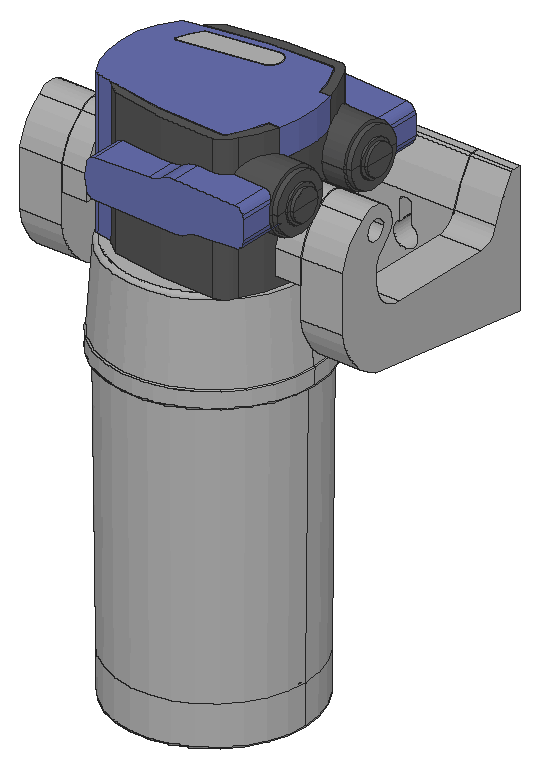
Revit family "QF_Vivreau_PURITY C1000 AC", category Specialty Equipment, Revit 2019 (continued)
Definition of nested family "QF_Vivreau_Wall Bracket"
  Forms (in)
    Extrusion 2, solid
      sketch origin (4.77567, 0, 0) x (0, 1, 0) y (0, 0, 1)
        loop
          arc (-0.13295, 44.67901) -> (-0.15231, 44.67159) -> (-0.16772, 44.65773) r 0.05688
          arc (-0.16772, 44.65773) -> (-0.36722, 44.33734) -> (-0.50028, 43.98416) r 1.92285
          arc (-0.50028, 43.98416) -> (-0.61574, 43.80826) -> (-0.81322, 43.73564) r 0.33566
          line (-0.81322, 43.73564) -> (-2.54186, 43.73564)
          arc (-2.54186, 43.73564) -> (-2.90112, 43.88445) -> (-3.04993, 44.24372) r 0.50808
          line (-3.04993, 44.24372) -> (-3.04993, 44.48767)
          arc (-3.04993, 44.48767) -> (-3.01891, 44.58793) -> (-2.95631, 44.67218) r 0.31113
          arc (-2.95631, 44.67218) -> (-2.87354, 44.75411) -> (-2.79381, 44.83899) r 3.21432
          arc (-2.79381, 44.83899) -> (-2.73635, 44.93979) -> (-2.7179, 45.05434) r 0.32555
          arc (-2.7179, 45.05434) -> (-2.77627, 45.24708) -> (-2.92668, 45.38098) r 0.37126
          arc (-2.92668, 45.38098) -> (-3.14017, 45.41019) -> (-3.32952, 45.30735) r 0.34587
          arc (-3.32952, 45.30735) -> (-3.60078, 45.03493) -> (-3.74609, 44.67901) r 0.97803
          line (-3.74609, 44.67901) -> (-3.74609, 43.73564)
          arc (-3.74609, 43.73564) -> (-3.52094, 43.20626) -> (-3.04993, 42.87595) r 1.04614
          line (-3.04993, 42.87595) -> (0, 42.48032) -> (0, 44.67901)
        loop
          circle (-3.06236, 45.04297) r 0.17302
      from 0 to 0.71175
    Extrusion 3, solid
      sketch origin (0, 0, 0) x (0, 1, 0) y (0, 0, 1)
        loop
          line (0, 44.67901) -> (-0.13295, 44.67901)
          arc (-0.13295, 44.67901) -> (-0.15231, 44.67159) -> (-0.16772, 44.65773) r 0.05688
          arc (-0.16772, 44.65773) -> (-0.36722, 44.33734) -> (-0.50028, 43.98416) r 1.92285
          line (-0.50028, 43.98416) -> (-0.50028, 42.54522) -> (0, 42.48032) -> (0, 44.67901)
      from 0.71175 to 4.77567
    Extrusion 4, void
      sketch origin (0, 0, 0) x (1, 0, 0) y (0, 0, 1)
        loop
          arc (1.43554, 43.49468) -> (1.53706, 43.10506) -> (1.64054, 43.49417) r 0.20818
          line (1.64054, 43.49417) -> (1.64054, 43.81781)
          arc (1.64054, 43.81781) -> (1.53804, 43.89288) -> (1.43554, 43.81781) r 0.10752
          line (1.43554, 43.81781) -> (1.43554, 43.49468)
        loop
          arc (3.85556, 43.49468) -> (3.95709, 43.10506) -> (4.06057, 43.49417) r 0.20818
          line (4.06057, 43.49417) -> (4.06057, 43.81781)
          arc (4.06057, 43.81781) -> (3.95806, 43.89288) -> (3.85556, 43.81781) r 0.10752
          line (3.85556, 43.81781) -> (3.85556, 43.49468)
      from 0 to 0.50028
    Extrusion 5, solid
      sketch origin (0, 0, 0) x (0, 1, 0) y (0, 0, 1)
        loop
          arc (-3.32952, 45.30735) -> (-3.60078, 45.03493) -> (-3.74609, 44.67901) r 0.97803
          line (-3.74609, 44.67901) -> (-3.74609, 44.24372) -> (-3.04993, 44.24372) -> (-3.04993, 44.48767)
          arc (-3.04993, 44.48767) -> (-3.01891, 44.58793) -> (-2.95631, 44.67218) r 0.31113
          arc (-2.95631, 44.67218) -> (-2.87354, 44.75411) -> (-2.79381, 44.83899) r 3.21432
          arc (-2.79381, 44.83899) -> (-2.73635, 44.93979) -> (-2.7179, 45.05434) r 0.32555
          arc (-2.7179, 45.05434) -> (-2.77627, 45.24708) -> (-2.92668, 45.38098) r 0.37126
          arc (-2.92668, 45.38098) -> (-3.14017, 45.41019) -> (-3.32952, 45.30735) r 0.34587
      from 0.71175 to 1.13945
    Extrusion 6, solid
      sketch origin (4.34798, 0, 0) x (0, 1, 0) y (0, 0, 1)
        loop
          arc (-3.32952, 45.30735) -> (-3.60078, 45.03493) -> (-3.74609, 44.67901) r 0.97803
          line (-3.74609, 44.67901) -> (-3.74609, 44.24372) -> (-3.04993, 44.24372) -> (-3.04993, 44.48767)
          arc (-3.04993, 44.48767) -> (-3.01891, 44.58793) -> (-2.95631, 44.67218) r 0.31113
          arc (-2.95631, 44.67218) -> (-2.87354, 44.75411) -> (-2.79381, 44.83899) r 3.21432
          arc (-2.79381, 44.83899) -> (-2.73635, 44.93979) -> (-2.7179, 45.05434) r 0.32555
          arc (-2.7179, 45.05434) -> (-2.77627, 45.24708) -> (-2.92668, 45.38098) r 0.37126
          arc (-2.92668, 45.38098) -> (-3.14017, 45.41019) -> (-3.32952, 45.30735) r 0.34587
      from 0 to 0.4277
    Extrusion 7, solid
      sketch origin (0, 0, 0) x (0, 1, 0) y (0, 0, 1)
        loop
          circle (-3.06236, 45.04297) r 0.17302
      from 1.13945 to 1.48618
    Extrusion 8, solid
      sketch origin (2.86179, 0, 0) x (0, 1, 0) y (0, 0, 1)
        loop
          circle (-3.06236, 45.04297) r 0.17302
      from 1.19877 to 1.48618
  Cuts and joins
    Extrusion 4 cuts Extrusion 3
  Lines and regions (in)
    symbolic lines
      curve 1: line (0, -3.23537, 45.04297) -> (0, -2.88934, 45.04297)
      curve 2: line (0.40405, -0.13295, 0) -> (0.40405, 0, 0)
      curve 3: line (0.40405, 0, 0) -> (5.08337, 0, 0)
      curve 4: line (5.08337, -0.13295, 0) -> (5.08337, 0, 0)
      curve 5: line (0.40405, -0.13295, 0) -> (5.08337, -0.13295, 0)
      curve 6: arc (0.40405, -0.13295, 0) -> (0.42218, -0.30656, 0) -> (0.44979, -0.47891, 0) r 3.18691
      curve 7: arc (0.44979, -0.47891, 0) -> (0.44265, -0.54927, 0) -> (0.42407, -0.6175, 0) r 0.42983
      curve 8: arc (0.42407, -0.6175, 0) -> (0.08893, -1.60757, 0) -> (0, -2.64903, 0) r 4.34392
      curve 9: arc (1.01852, -0.51986, 0) -> (0.66155, -1.5729, 0) -> (0.57957, -2.68176, 0) r 4.40598
      curve 10: line (0.39328, -2.68176, 0) -> (1.02034, -2.68176, 0)
      curve 11: line (1.02034, -2.68176, 0) -> (1.02034, -3.68176, 0)
      curve 12: arc (0.39328, -2.68176, 0) -> (0.27454, -2.7648, 0) -> (0.22894, -2.90232, 0) r 0.23018
      curve 13: arc (0.12248, -3.08148, 0) -> (0.15422, -3.06272, 0) -> (0.17635, -3.03322, 0) r 0.09432
      curve 14: arc (0.17635, -3.03322, 0) -> (0.20476, -2.96863, 0) -> (0.22894, -2.90232, 0) r 1.08965
      curve 15: arc (0.12248, -3.08148, 0) -> (0.0982, -3.08363, 0) -> (0.07385, -3.08469, 0) r 0.54642
      curve 16: arc (0.07385, -3.08469, 0) -> (0.04284, -3.05822, 0) -> (0.0293, -3.01977, 0) r 0.07844
      curve 17: arc (0.39328, -2.68176, 0) -> (0.44322, -2.69561, 0) -> (0.47889, -2.7332, 0) r 0.09696
      curve 18: arc (0.47889, -2.7332, 0) -> (0.51971, -2.80727, 0) -> (0.54276, -2.88864, 0) r 0.37227
      curve 19: arc (0.54276, -2.88864, 0) -> (0.55909, -3.03706, 0) -> (0.54276, -3.18547, 0) r 0.68254
      curve 20: arc (0.54276, -3.18547, 0) -> (0.46763, -3.39851, 0) -> (0.34409, -3.58761, 0) r 0.94478
      curve 21: arc (0.34409, -3.58761, 0) -> (0.29471, -3.65131, 0) -> (0.23677, -3.70733, 0) r 0.5646
      curve 22: arc (0.23677, -3.70733, 0) -> (0.20133, -3.72715, 0) -> (0.16121, -3.73335, 0) r 0.11449
      curve 23: arc (0.16121, -3.73335, 0) -> (0.12018, -3.73371, 0) -> (0.07926, -3.73682, 0) r 0.61075
      curve 24: arc (0.07926, -3.73682, 0) -> (0.02221, -3.70198, 0) -> (0, -3.63894, 0) r 0.09968
      curve 25: line (0, -3.63894, 0) -> (0, -2.64903, 0)
      curve 26: arc (0.0293, -3.01977, 0) -> (0.01004, -2.90893, 0) -> (0, -2.79687, 0) r 1.36079
      curve 27: arc (0.07926, -3.73682, 0) -> (0.21195, -3.74363, 0) -> (0.3448, -3.74609, 0) r 4.0609
      curve 28: arc (0.3448, -3.74609, 0) -> (0.65283, -3.73623, 0) -> (0.95923, -3.70313, 0) r 4.07828
      curve 29: arc (0.95923, -3.70313, 0) -> (0.99081, -3.69537, 0) -> (1.02034, -3.68176, 0) r 0.17058
      curve 30: arc (5.08337, -0.13295, 0) -> (5.06524, -0.30656, 0) -> (5.03763, -0.47891, 0) r 3.18691
      curve 31: arc (5.03763, -0.47891, 0) -> (5.04477, -0.54927, 0) -> (5.06335, -0.6175, 0) r 0.42983
      curve 32: arc (5.06335, -0.6175, 0) -> (5.39849, -1.60757, 0) -> (5.48742, -2.64903, 0) r 4.34392
      curve 33: arc (4.4689, -0.51986, 0) -> (4.82587, -1.5729, 0) -> (4.90785, -2.68176, 0) r 4.40598
      curve 34: line (5.09414, -2.68176, 0) -> (4.46708, -2.68176, 0)
      curve 35: line (4.46708, -2.68176, 0) -> (4.46708, -3.68176, 0)
      curve 36: arc (5.09414, -2.68176, 0) -> (5.21288, -2.7648, 0) -> (5.25848, -2.90232, 0) r 0.23018
      curve 37: arc (5.36494, -3.08148, 0) -> (5.3332, -3.06272, 0) -> (5.31108, -3.03322, 0) r 0.09432
      curve 38: arc (5.31108, -3.03322, 0) -> (5.28266, -2.96863, 0) -> (5.25848, -2.90232, 0) r 1.08965
      curve 39: arc (5.36494, -3.08148, 0) -> (5.38922, -3.08363, 0) -> (5.41358, -3.08469, 0) r 0.54642
      curve 40: arc (5.41358, -3.08469, 0) -> (5.44458, -3.05822, 0) -> (5.45812, -3.01977, 0) r 0.07844
      curve 41: arc (5.09414, -2.68176, 0) -> (5.0442, -2.69561, 0) -> (5.00853, -2.7332, 0) r 0.09696
      curve 42: arc (5.00853, -2.7332, 0) -> (4.96771, -2.80727, 0) -> (4.94466, -2.88864, 0) r 0.37227
      curve 43: arc (4.94466, -2.88864, 0) -> (4.92833, -3.03706, 0) -> (4.94466, -3.18547, 0) r 0.68254
      curve 44: arc (4.94466, -3.18547, 0) -> (5.01979, -3.39851, 0) -> (5.14334, -3.58761, 0) r 0.94478
      curve 45: arc (5.14334, -3.58761, 0) -> (5.19271, -3.65131, 0) -> (5.25065, -3.70733, 0) r 0.5646
      curve 46: arc (5.25065, -3.70733, 0) -> (5.28609, -3.72715, 0) -> (5.32621, -3.73335, 0) r 0.11449
      curve 47: arc (5.32621, -3.73335, 0) -> (5.36725, -3.73371, 0) -> (5.40816, -3.73682, 0) r 0.61075
      curve 48: arc (5.40816, -3.73682, 0) -> (5.46521, -3.70198, 0) -> (5.48742, -3.63894, 0) r 0.09968
      curve 49: line (5.48742, -3.63894, 0) -> (5.48742, -2.64903, 0)
      curve 50: arc (5.45812, -3.01977, 0) -> (5.47738, -2.90893, 0) -> (5.48742, -2.79687, 0) r 1.36079
      curve 51: arc (5.40816, -3.73682, 0) -> (5.27547, -3.74363, 0) -> (5.14262, -3.74609, 0) r 4.0609
      curve 52: arc (5.14262, -3.74609, 0) -> (4.8346, -3.73623, 0) -> (4.52819, -3.70313, 0) r 4.07828
      curve 53: arc (4.52819, -3.70313, 0) -> (4.49661, -3.69537, 0) -> (4.46708, -3.68176, 0) r 0.17058
      curve 54: line (1.48618, -2.88934, 0) -> (1.02034, -2.88934, 0)
      curve 55: line (1.48618, -2.88934, 0) -> (1.48618, -3.23537, 0)
      curve 56: line (1.48618, -3.23537, 0) -> (1.02034, -3.23537, 0)
      curve 57: line (4.25061, -2.88934, 0) -> (4.46708, -2.88934, 0)
      curve 58: line (4.25061, -2.88934, 0) -> (4.25061, -3.23537, 0)
      curve 59: line (4.25061, -3.23537, 0) -> (4.46708, -3.23537, 0)
      curve 60: line (1.01852, -0.51986, 0) -> (4.4689, -0.51986, 0)
      curve 61: line (0, 0, 0) -> (5.48742, 0, 0)
  Dimensions and locks (in)
    "Depth": plane 4 "FRONT" to plane 1 "BACK"
    equal spacing: plane 4 "FRONT", plane 5 "Center (Front/Back)", plane 1 "BACK"
    locked: plane 3 "LEFT" to plane 7 "RIGHT" at 5.48742
    equal spacing: plane 3 "LEFT", plane 8 "Center (Left/Right)", plane 7 "RIGHT"
    "Mounting Height": plane 13 "Center F/H" to plane 2 "REF. LAYER"
    plane 10 "Center F/D" to plane 9 "Center F/C" to plane 11 "Center F/E" to plane 12 "Center F/F" to plane 6 "Center (Bottom/Top)" to plane 13 "Center F/H" = 0' - 0.36597" locked, 0' - 0.36396" locked, 0' - 0.94337" locked, 0' - 1.25532" locked, 0' - 6.48032" locked
    aligned and locked: level to plane 2 "REF. LAYER"
    aligned and locked: plane 11 "Center F/E" to Extrusion 1 sketch curve
    aligned and locked: plane 1 "BACK" to Extrusion 1 sketch curve
    aligned and locked: plane 12 "Center F/F" to Extrusion 1 sketch curve
    aligned and locked: Extrusion 1 sketch curve to plane 12 "Center F/F"
    aligned and locked: plane 4 "FRONT" to Extrusion 1 sketch curve
    aligned and locked: plane 3 "LEFT" to curve 61
    aligned and locked: plane 7 "RIGHT" to curve 61
    aligned and locked: curve 61 to plane 2 "REF. LAYER"
    aligned and locked: Extrusion 5 to Extrusion 1
    aligned and locked: Extrusion 6 to Extrusion 2
  Automatic sketch dimensions
    curve 1 to plane 9 "Center F/C" = 0' - 0"
    curve 1 to plane 4 "FRONT" = 0' - 0.51072"
    curve 1 to curve 1 = 0' - 0.34603"
    Extrusion 1 sketch curve to plane 9 "Center F/C" = 0' - 0"
    Extrusion 1 sketch curve to plane 6 "Center (Bottom/Top)" = 0' - 0"
    Extrusion 1 sketch curve to plane 12 "Center F/F" = 0' - 0"
    Extrusion 1 sketch curve to plane 11 "Center F/E" = 0' - 0"
    plane 4 "FRONT" to Extrusion 1 sketch curve = 0' - 1.42987"
    plane 9 "Center F/C" to Extrusion 1 sketch curve = 0' - 0.00416"
    Extrusion 1 sketch curve to plane 4 "FRONT" = 0' - 0.657"
    Extrusion 1 sketch curve to Extrusion 1 sketch curve = 0' - 0.01111"
    Extrusion 1 sketch curve to Extrusion 1 sketch curve = 0' - 0.02674"
    Extrusion 1 sketch curve to plane 11 "Center F/E" = 0' - 0.19134"
    Extrusion 1 sketch curve to Extrusion 1 sketch curve = 0' - 0.01242"
    plane 6 "Center (Bottom/Top)" to Extrusion 1 sketch curve = 0' - 0.39563"
    Extrusion 1 sketch curve to plane 4 "FRONT" = 0' - 0.69616"
    Extrusion 1 sketch curve to Extrusion 1 sketch curve = 0' - 0.01897"
    Extrusion 1 sketch curve to Extrusion 1 sketch curve = 0' - 0.26431"
    Extrusion 1 sketch curve to Extrusion 1 sketch curve = 0' - 0.04417"
    plane 12 "Center F/F" to Extrusion 1 sketch curve = 0' - 0.12897"
    Extrusion 1 sketch curve to Extrusion 1 sketch curve = 0' - 0.1996"
    plane 1 "BACK" to Extrusion 1 sketch curve = 0' - 0.82448"
    Extrusion 1 sketch curve to Extrusion 1 sketch curve = 0' - 0.01126"
    plane 1 "BACK" to Extrusion 1 sketch curve = 0' - 0.13295"
    Extrusion 1 sketch curve to Extrusion 1 sketch curve = 0' - 0.01033"
    Extrusion 1 sketch curve to plane 12 "Center F/F" = 0' - 0.24956"
    Extrusion 1 sketch curve to plane 1 "BACK" = 0' - 1.35693"
    plane 12 "Center F/F" to Extrusion 1 sketch curve = 0' - 0.33547"
    Extrusion 1 sketch curve to plane 11 "Center F/E" = 0' - 0.23186"
    Extrusion 1 sketch curve to Extrusion 1 sketch curve = 0' - 0.04736"
    Extrusion 1 sketch curve to plane 11 "Center F/E" = 0' - 0.05594"
    plane 9 "Center F/C" to Extrusion 1 sketch curve = 0' - 0.00505"
    Extrusion 1 sketch curve to Extrusion 1 sketch curve = 0' - 0.02283"
    Extrusion 1 sketch curve to plane 10 "Center F/D" = 0' - 0.10159"
    Extrusion 1 sketch curve to Extrusion 1 sketch curve = 0' - 0"  (x3)
    plane 11 "Center F/E" to Extrusion 1 sketch curve = 0' - 0.15998"
    Extrusion 2 sketch curve to plane 4 "FRONT" = 0' - 0"
    Extrusion 2 sketch curve to plane 9 "Center F/C" = 0' - 0"
    Extrusion 2 sketch curve to plane 12 "Center F/F" = 0' - 0"  (x2)
    Extrusion 2 sketch curve to plane 11 "Center F/E" = 0' - 0"  (x2)
    Extrusion 2 sketch curve to plane 1 "BACK" = 0' - 0"
    Extrusion 2 sketch curve to plane 6 "Center (Bottom/Top)" = 0' - 0"
    plane 4 "FRONT" to Extrusion 2 sketch curve = 0' - 1.42987"
    plane 9 "Center F/C" to Extrusion 2 sketch curve = 0' - 0.00416"
    Extrusion 2 sketch curve to plane 4 "FRONT" = 0' - 0.657"
    Extrusion 2 sketch curve to Extrusion 2 sketch curve = 0' - 0.01111"
    Extrusion 2 sketch curve to Extrusion 2 sketch curve = 0' - 0.02674"
    Extrusion 2 sketch curve to plane 11 "Center F/E" = 0' - 0.19134"
    Extrusion 2 sketch curve to Extrusion 2 sketch curve = 0' - 0.01242"
    plane 6 "Center (Bottom/Top)" to Extrusion 2 sketch curve = 0' - 0.39563"
    Extrusion 2 sketch curve to plane 4 "FRONT" = 0' - 0.69616"
    Extrusion 2 sketch curve to Extrusion 2 sketch curve = 0' - 0.01897"
    Extrusion 2 sketch curve to Extrusion 2 sketch curve = 0' - 0.26431"
    Extrusion 2 sketch curve to Extrusion 2 sketch curve = 0' - 0.04417"
    plane 12 "Center F/F" to Extrusion 2 sketch curve = 0' - 0.12897"
    Extrusion 2 sketch curve to Extrusion 2 sketch curve = 0' - 0.1996"
    plane 1 "BACK" to Extrusion 2 sketch curve = 0' - 0.82448"
    Extrusion 2 sketch curve to Extrusion 2 sketch curve = 0' - 0.01126"
    plane 1 "BACK" to Extrusion 2 sketch curve = 0' - 0.13295"
    Extrusion 2 sketch curve to Extrusion 2 sketch curve = 0' - 0.01033"
    Extrusion 2 sketch curve to plane 12 "Center F/F" = 0' - 0.24956"
    Extrusion 2 sketch curve to plane 1 "BACK" = 0' - 1.35693"
    plane 12 "Center F/F" to Extrusion 2 sketch curve = 0' - 0.33547"
    Extrusion 2 sketch curve to plane 11 "Center F/E" = 0' - 0.23186"
    Extrusion 2 sketch curve to Extrusion 2 sketch curve = 0' - 0.04736"
    Extrusion 2 sketch curve to plane 11 "Center F/E" = 0' - 0.05594"
    plane 9 "Center F/C" to Extrusion 2 sketch curve = 0' - 0.00505"
    Extrusion 2 sketch curve to Extrusion 2 sketch curve = 0' - 0.02283"
    Extrusion 2 sketch curve to plane 10 "Center F/D" = 0' - 0.10159"
    Extrusion 2 sketch curve to Extrusion 2 sketch curve = 0' - 0"  (x3)
    plane 11 "Center F/E" to Extrusion 2 sketch curve = 0' - 0.15998"
    Extrusion 3 sketch curve to plane 11 "Center F/E" = 0' - 0"
    Extrusion 3 sketch curve to plane 1 "BACK" = 0' - 0"
    Extrusion 3 sketch curve to plane 6 "Center (Bottom/Top)" = 0' - 0"
    Extrusion 3 sketch curve to plane 11 "Center F/E" = 0' - 0.05594"
    plane 1 "BACK" to Extrusion 3 sketch curve = 0' - 0.12262"
    Extrusion 3 sketch curve to Extrusion 3 sketch curve = 0' - 0.01033"
    plane 6 "Center (Bottom/Top)" to Extrusion 3 sketch curve = 0' - 0.0649"
    plane 1 "BACK" to Extrusion 3 sketch curve = 0' - 0.50028"
    Extrusion 3 sketch curve to plane 12 "Center F/F" = 0' - 0.24956"
    Extrusion 3 sketch curve to plane 1 "BACK" = 0' - 1.35693"
    plane 12 "Center F/F" to Extrusion 3 sketch curve = 0' - 0.24852"
    plane 12 "Center F/F" to Extrusion 4 sketch curve = 0' - 0.08217"  (x2)
    Extrusion 4 sketch curve to plane 8 "Center (Left/Right)" = 0' - 1.30818"
    Extrusion 4 sketch curve to Extrusion 4 sketch curve = 0' - 0.10205"  (x2)
    plane 12 "Center F/F" to Extrusion 4 sketch curve = 0' - 0.04972"  (x2)
    Extrusion 4 sketch curve to Extrusion 4 sketch curve = 0' - 0.1025"  (x2)
    Extrusion 4 sketch curve to Extrusion 4 sketch curve = 0' - 0.205"  (x2)
    Extrusion 4 sketch curve to plane 12 "Center F/F" = 0' - 0.24096"
    plane 8 "Center (Left/Right)" to Extrusion 4 sketch curve = 0' - 1.11185"
    Extrusion 4 sketch curve to plane 12 "Center F/F" = 0' - 0.24147"
    Extrusion 4 sketch curve to Extrusion 4 sketch curve = 0' - 0.00051"
    Extrusion 4 sketch curve to Extrusion 4 sketch curve = 0' - 0.18093"
    Extrusion 5 sketch curve to plane 4 "FRONT" = 0' - 0"
    Extrusion 5 sketch curve to plane 11 "Center F/E" = 0' - 0"
    plane 4 "FRONT" to Extrusion 5 sketch curve = 0' - 1.42987"
    plane 9 "Center F/C" to Extrusion 5 sketch curve = 0' - 0.00416"
    Extrusion 5 sketch curve to plane 4 "FRONT" = 0' - 0.657"
    Extrusion 5 sketch curve to Extrusion 5 sketch curve = 0' - 0.01111"
    Extrusion 5 sketch curve to plane 4 "FRONT" = 0' - 0.69616"
    Extrusion 5 sketch curve to Extrusion 5 sketch curve = 0' - 0.0346"
    Extrusion 5 sketch curve to Extrusion 5 sketch curve = 0' - 0.26431"
    Extrusion 5 sketch curve to Extrusion 5 sketch curve = 0' - 0.04417"
    Extrusion 5 sketch curve to plane 11 "Center F/E" = 0' - 0.1845"
    Extrusion 5 sketch curve to plane 11 "Center F/E" = 0' - 0.19134"
    Extrusion 5 sketch curve to Extrusion 5 sketch curve = 0' - 0.04736"
    Extrusion 5 sketch curve to Extrusion 5 sketch curve = 0' - 0.43529"
    plane 9 "Center F/C" to Extrusion 5 sketch curve = 0' - 0.00505"
    Extrusion 5 sketch curve to Extrusion 5 sketch curve = 0' - 0.02283"
    Extrusion 5 sketch curve to plane 10 "Center F/D" = 0' - 0.10159"
    Extrusion 5 sketch curve to Extrusion 5 sketch curve = 0' - 0"  (x2)
    plane 11 "Center F/E" to Extrusion 5 sketch curve = 0' - 0.15998"
    Extrusion 6 sketch curve to plane 4 "FRONT" = 0' - 0"
    Extrusion 6 sketch curve to plane 11 "Center F/E" = 0' - 0"
    plane 4 "FRONT" to Extrusion 6 sketch curve = 0' - 1.42987"
    plane 9 "Center F/C" to Extrusion 6 sketch curve = 0' - 0.00416"
    Extrusion 6 sketch curve to plane 4 "FRONT" = 0' - 0.657"
    Extrusion 6 sketch curve to Extrusion 6 sketch curve = 0' - 0.01111"
    Extrusion 6 sketch curve to plane 4 "FRONT" = 0' - 0.69616"
    Extrusion 6 sketch curve to Extrusion 6 sketch curve = 0' - 0.0346"
    Extrusion 6 sketch curve to Extrusion 6 sketch curve = 0' - 0.26431"
    Extrusion 6 sketch curve to Extrusion 6 sketch curve = 0' - 0.04417"
    Extrusion 6 sketch curve to plane 11 "Center F/E" = 0' - 0.1845"
    Extrusion 6 sketch curve to plane 11 "Center F/E" = 0' - 0.19134"
    Extrusion 6 sketch curve to Extrusion 6 sketch curve = 0' - 0.04736"
    Extrusion 6 sketch curve to Extrusion 6 sketch curve = 0' - 0.43529"
    plane 9 "Center F/C" to Extrusion 6 sketch curve = 0' - 0.00505"
    Extrusion 6 sketch curve to Extrusion 6 sketch curve = 0' - 0.02283"
    Extrusion 6 sketch curve to plane 10 "Center F/D" = 0' - 0.10159"
    Extrusion 6 sketch curve to Extrusion 6 sketch curve = 0' - 0"  (x2)
    plane 11 "Center F/E" to Extrusion 6 sketch curve = 0' - 0.15998"
    Extrusion 7 sketch curve to plane 9 "Center F/C" = 0' - 0"
    Extrusion 7 sketch curve to plane 4 "FRONT" = 0' - 0.68374"
    Extrusion 8 sketch curve to plane 9 "Center F/C" = 0' - 0"
    Extrusion 8 sketch curve to plane 4 "FRONT" = 0' - 0.68374"
    curve 26 to plane 3 "LEFT" = 0' - 0"
    plane 4 "FRONT" to curve 27 = 0' - 0"
    plane 1 "BACK" to curve 2 = 0' - 0"
    plane 4 "FRONT" to curve 51 = 0' - 0"
    curve 48 to plane 7 "RIGHT" = 0' - 0"
    curve 19 to plane 3 "LEFT" = 0' - 0.12345"
    curve 21 to plane 3 "LEFT" = 0' - 0.12571"
    curve 20 to curve 19 = 0' - 0.25597"
    curve 14 to curve 20 = 0' - 0.42691"
    plane 3 "LEFT" to curve 7 = 0' - 0.02004"
    plane 3 "LEFT" to curve 15 = 0' - 0.06218"
    plane 3 "LEFT" to curve 13 = 0' - 0.09129"
    plane 3 "LEFT" to curve 24 = 0' - 0.09968"
    curve 13 to curve 16 = 0' - 0.01623"
    plane 3 "LEFT" to curve 23 = 0' - 0.146"
    curve 24 to curve 22 = 0' - 0.06438"
    curve 16 to curve 18 = 0' - 0.06786"
    plane 3 "LEFT" to curve 27 = 0' - 0.35368"
    curve 27 to curve 28 = 0' - 0.01466"
    curve 18 to curve 10 = 0' - 0.2179"
    plane 1 "BACK" to curve 5 = 0' - 0.13295"
    plane 3 "LEFT" to curve 5 = 0' - 0.40405"
    curve 17 to curve 12 = 0' - 0.06584"
    curve 12 to curve 33 = 0' - 0.11471"
    curve 29 to plane 4 "FRONT" = 0' - 0.21174"
    curve 22 to curve 29 = 0' - 0.77045"
    curve 33 to curve 11 = 0' - 0.51235"
    curve 10 to curve 32 = 0' - 0.12589"
    curve 32 to curve 26 = 0' - 0.213"
    curve 26 to curve 54 = 0' - 0.12696"
    curve 30 to plane 1 "BACK" = 0' - 0.11117"
    curve 30 to plane 8 "Center (Left/Right)" = 0' - 0.83788"
    curve 6 to plane 1 "BACK" = 0' - 0.11117"
    plane 8 "Center (Left/Right)" to curve 6 = 0' - 0.83788"
    curve 50 to plane 7 "RIGHT" = 0' - 1.35923"
    curve 50 to curve 57 = 0' - 0.12241"
    curve 50 to curve 8 = 0' - 0.213"
    curve 8 to curve 34 = 0' - 0.12589"
    curve 35 to curve 53 = 0' - 0.08583"
    curve 9 to plane 7 "RIGHT" = 0' - 0.50799"
    curve 9 to curve 36 = 0' - 0.04887"
    curve 5 to plane 7 "RIGHT" = 0' - 0.40405"
    curve 36 to curve 34 = 0' - 0.06584"
    curve 3 to curve 52 = 0' - 0.03571"
    curve 52 to curve 51 = 0' - 0.01466"
    curve 42 to plane 7 "RIGHT" = 0' - 0.17538"
    curve 46 to plane 7 "RIGHT" = 0' - 0 21/128"
    curve 47 to plane 7 "RIGHT" = 0' - 0.146"
    curve 42 to curve 40 = 0' - 0.06786"
    curve 46 to curve 48 = 0' - 0.06438"
    curve 40 to curve 37 = 0' - 0.01623"
    curve 39 to plane 7 "RIGHT" = 0' - 0.06218"
    curve 31 to plane 7 "RIGHT" = 0' - 0.02004"
    plane 7 "RIGHT" to curve 43 = 0' - 0.12345"
    plane 7 "RIGHT" to curve 45 = 0' - 0.12571"
    curve 43 to curve 44 = 0' - 0.25597"
    curve 44 to curve 38 = 0' - 0.42691"
    plane 4 "FRONT" to curve 47 = 0' - 0.59782"
    plane 4 "FRONT" to curve 23 = 0' - 0.59782"
    curve 11 to plane 4 "FRONT" = 0' - 0.06433"
    curve 35 to plane 4 "FRONT" = 0' - 0.06433"
    curve 52 to curve 48 = 0' - 0.10684"
    curve 28 to curve 24 = 0' - 0.10684"
    curve 24 to curve 25 = 0' - 0.00031"
    curve 48 to curve 49 = 0' - 0.00031"
    curve 48 to curve 46 = 0' - 0.02035"
    curve 24 to curve 22 = 0' - 0.02035"
    curve 35 to curve 53 = 0' - 0.14741"
    curve 25 to curve 21 = 0' - 0.36448"
    curve 49 to curve 45 = 0' - 0.36448"
    curve 56 to plane 4 "FRONT" = 0' - 0.51072"
    curve 53 to curve 58 = 0' - 0.29898"
    curve 21 to curve 19 = 0' - 0.23741"
    curve 45 to curve 43 = 0' - 0.23741"
    curve 19 to curve 16 = 0' - 0.02321"
    curve 43 to curve 40 = 0' - 0.02321"
    curve 16 to curve 13 = 0' - 0.02138"
    curve 40 to curve 37 = 0' - 0.02138"
    curve 19 to curve 20 = 0' - 0.05702"
    curve 43 to curve 44 = 0' - 0.05702"
    curve 40 to curve 42 = 0' - 0.06509"
    curve 16 to curve 18 = 0' - 0.06509"
    curve 18 to curve 12 = 0' - 0.04643"
    curve 42 to curve 36 = 0' - 0.04643"
    curve 58 to curve 57 = 0' - 0.34603"
    curve 55 to curve 54 = 0' - 0.34603"
    curve 36 to curve 41 = 0' - 0.12361"
    curve 12 to curve 17 = 0' - 0.12361"
    curve 57 to curve 50 = 0' - 0.15777"
    curve 54 to curve 26 = 0' - 0.15777"
    curve 54 to curve 11 = 0' - 0.20758"
    curve 57 to curve 34 = 0' - 0.20758"
    curve 12 to curve 25 = 0' - 0.25329"
    curve 36 to curve 49 = 0' - 0.25329"
    curve 20 to curve 14 = 0' - 0.41766"
    curve 44 to curve 38 = 0' - 0.41766"
    curve 8 to curve 15 = 0' - 0.11064"
    curve 32 to curve 39 = 0' - 0.11064"
    curve 34 to curve 8 = 0' - 0.18655"
    curve 10 to curve 32 = 0' - 0.18655"
    curve 9 to curve 33 = 0' - 0.23217"
    curve 33 to curve 9 = 0' - 0.23217"
    plane 1 "BACK" to curve 31 = 0' - 0.47084"
    plane 1 "BACK" to curve 7 = 0' - 0.47084"
    curve 51 to plane 1 "BACK" = 0' - 0.31479"
    curve 27 to plane 1 "BACK" = 0' - 0.31479"
    curve 51 to curve 52 = 0' - 0.01732"
    curve 27 to curve 28 = 0' - 0.01732"
    plane 3 "LEFT" to curve 26 = 0' - 0.0293"
    plane 3 "LEFT" to curve 16 = 0' - 0.07385"
    curve 27 to curve 24 = 0' - 0.02042"
    curve 16 to curve 13 = 0' - 0.04863"
    curve 22 to curve 23 = 0' - 0"
    curve 13 to curve 14 = 0' - 0"
    curve 21 to plane 4 "FRONT" = 0' - 0.03876"
    curve 20 to plane 4 "FRONT" = 0' - 0.15848"
    plane 3 "LEFT" to curve 8 = 0' - 0.42407"
    curve 17 to curve 17 = 0' - 0.08561"
    curve 19 to curve 20 = 0' - 0"
    curve 18 to curve 9 = 0' - 0.10068"
    plane 1 "BACK" to curve 9 = 0' - 0.51986"
    curve 52 to curve 53 = 0' - 0"
    curve 33 to curve 36 = 0' - 0.18629"
    curve 42 to curve 36 = 0' - 0.08364"
    curve 43 to curve 36 = 0' - 0.08364"
    curve 44 to curve 43 = 0' - 0"
    curve 31 to curve 4 = 0' - 0.04574"
    curve 45 to plane 4 "FRONT" = 0' - 0.15848"
    curve 46 to plane 4 "FRONT" = 0' - 0.03876"
    curve 37 to curve 38 = 0' - 0"
    curve 37 to curve 40 = 0' - 0.01496"
    curve 39 to curve 39 = 0' - 0.04863"
    curve 50 to plane 7 "RIGHT" = 0' - 0.0293"
    plane 10 "Center F/D" to Extrusion 1 sketch curve = 0' - 1.5881"
    plane 10 "Center F/D" to Extrusion 2 sketch curve = 0' - 1.5881"
    plane 10 "Center F/D" to Extrusion 5 sketch curve = 0' - 1.5881"
    plane 10 "Center F/D" to Extrusion 6 sketch curve = 0' - 1.5881"
    radius of Extrusion 1 sketch curve = 0' - 0.17302"
    radius of Extrusion 2 sketch curve = 0' - 0.17302"
    radius of Extrusion 7 sketch curve = 0' - 0.17302"
    radius of Extrusion 8 sketch curve = 0' - 0.17302"
